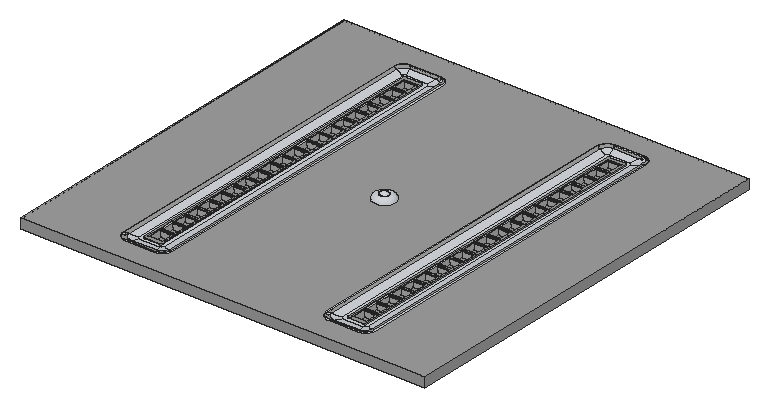
Revit family "0044003 Sylvania Lighting Fixture OptiClip 600 4000K C8 WH SSA WHITE", category Lighting Fixtures, host Face, Revit 2016 (continued)
Automatic sketch dimensions
  Blend 20 sketch curve to plane 55 = 0 mm
  Blend 20 sketch curve to plane 54 = 0 mm
  Blend 20 sketch curve to plane 73 = 0 mm
  Blend 20 sketch curve to plane 72 = 0 mm
  Blend 20 sketch curve to plane 77 = 0 mm
  Blend 20 sketch curve to plane 76 = 0 mm
  plane 55 to Blend 20 sketch curve = 4.7 mm
  Blend 20 sketch curve to plane 54 = 4.7 mm
  Blend 21 sketch curve to plane 72 = 0 mm
  Blend 21 sketch curve to plane 73 = 0 mm
  Blend 21 sketch curve to plane 56 = 0 mm
  Blend 21 sketch curve to plane 57 = 0.045 mm
  Blend 21 sketch curve to plane 77 = 0 mm
  Blend 21 sketch curve to plane 76 = 0 mm
  plane 57 to Blend 21 sketch curve = 4.655 mm
  Blend 21 sketch curve to plane 56 = 4.7 mm
  Blend 22 sketch curve to plane 72 = 0 mm
  Blend 22 sketch curve to plane 73 = 0 mm
  Blend 22 sketch curve to plane 58 = 0 mm
  plane 59 to Blend 22 sketch curve = 0.045 mm
  Blend 22 sketch curve to plane 77 = 0 mm
  Blend 22 sketch curve to plane 76 = 0 mm
  plane 59 to Blend 22 sketch curve = 4.745 mm
  Blend 22 sketch curve to plane 58 = 4.7 mm
  Blend 23 sketch curve to plane 61 = 0 mm
  Blend 23 sketch curve to plane 60 = 0 mm
  Blend 23 sketch curve to plane 73 = 0 mm
  Blend 23 sketch curve to plane 72 = 0 mm
  Blend 23 sketch curve to plane 77 = 0 mm
  Blend 23 sketch curve to plane 76 = 0 mm
  plane 61 to Blend 23 sketch curve = 4.7 mm
  Blend 23 sketch curve to plane 60 = 4.7 mm
  Blend 24 sketch curve to plane 63 = 0 mm
  Blend 24 sketch curve to plane 62 = 0 mm
  Blend 24 sketch curve to plane 73 = 0 mm
  Blend 24 sketch curve to plane 72 = 0 mm
  Blend 24 sketch curve to plane 77 = 0 mm
  Blend 24 sketch curve to plane 76 = 0 mm
  plane 63 to Blend 24 sketch curve = 4.7 mm
  Blend 24 sketch curve to plane 62 = 4.7 mm
  Blend 25 sketch curve to plane 65 = 0 mm
  Blend 25 sketch curve to plane 64 = 0 mm
  Blend 25 sketch curve to plane 73 = 0 mm
  Blend 25 sketch curve to plane 72 = 0 mm
  Blend 25 sketch curve to plane 77 = 0 mm
  Blend 25 sketch curve to plane 76 = 0 mm
  plane 65 to Blend 25 sketch curve = 4.7 mm
  Blend 25 sketch curve to plane 64 = 4.7 mm
  Extrusion 26 sketch curve to plane 75 = 0 mm
  Extrusion 26 sketch curve to plane 77 = 0 mm
  Extrusion 26 sketch curve to plane 76 = 0 mm
  Extrusion 26 sketch curve to plane 74 = 0 mm
  Extrusion 27 sketch curve to plane 77 = 0 mm
  Extrusion 27 sketch curve to plane 76 = 0 mm
  plane 33 to Extrusion 27 sketch curve = 4.7 mm
  Extrusion 27 sketch curve to plane 32 = 4.7 mm
  Extrusion 28 sketch curve to plane 77 = 0 mm
  Extrusion 28 sketch curve to plane 76 = 0 mm
  plane 35 to Extrusion 28 sketch curve = 4.655 mm
  Extrusion 28 sketch curve to plane 34 = 4.7 mm
  Extrusion 29 sketch curve to plane 77 = 0 mm
  Extrusion 29 sketch curve to plane 76 = 0 mm
  plane 37 to Extrusion 29 sketch curve = 4.745 mm
  Extrusion 29 sketch curve to plane 36 = 4.7 mm
  Extrusion 30 sketch curve to plane 77 = 0 mm
  Extrusion 30 sketch curve to plane 76 = 0 mm
  plane 39 to Extrusion 30 sketch curve = 4.7 mm
  Extrusion 30 sketch curve to plane 38 = 4.7 mm
  Extrusion 31 sketch curve to plane 77 = 0 mm
  Extrusion 31 sketch curve to plane 76 = 0 mm
  plane 41 to Extrusion 31 sketch curve = 4.7 mm
  Extrusion 31 sketch curve to plane 40 = 4.7 mm
  Extrusion 32 sketch curve to plane 77 = 0 mm
  Extrusion 32 sketch curve to plane 76 = 0 mm
  plane 43 to Extrusion 32 sketch curve = 4.7 mm
  Extrusion 32 sketch curve to plane 42 = 4.7 mm
  Extrusion 33 sketch curve to plane 77 = 0 mm
  Extrusion 33 sketch curve to plane 76 = 0 mm
  plane 45 to Extrusion 33 sketch curve = 4.674 mm
  Extrusion 33 sketch curve to plane 44 = 4.7 mm
  Extrusion 34 sketch curve to plane 77 = 0 mm
  Extrusion 34 sketch curve to plane 76 = 0 mm
  plane 47 to Extrusion 34 sketch curve = 4.726 mm
  Extrusion 34 sketch curve to plane 46 = 4.7 mm
  Extrusion 35 sketch curve to plane 77 = 0 mm
  Extrusion 35 sketch curve to plane 76 = 0 mm
  plane 49 to Extrusion 35 sketch curve = 4.7 mm
  Extrusion 35 sketch curve to plane 48 = 4.7 mm
  Extrusion 36 sketch curve to plane 77 = 0 mm
  Extrusion 36 sketch curve to plane 76 = 0 mm
  plane 51 to Extrusion 36 sketch curve = 4.7 mm
  Extrusion 36 sketch curve to plane 50 = 4.7 mm
  Extrusion 37 sketch curve to plane 77 = 0 mm
  Extrusion 37 sketch curve to plane 76 = 0 mm
  plane 53 to Extrusion 37 sketch curve = 4.7 mm
  Extrusion 37 sketch curve to plane 52 = 4.7 mm
  Extrusion 38 sketch curve to plane 77 = 0 mm
  Extrusion 38 sketch curve to plane 76 = 0 mm
  plane 55 to Extrusion 38 sketch curve = 4.7 mm
  Extrusion 38 sketch curve to plane 54 = 4.7 mm
  Extrusion 39 sketch curve to plane 77 = 0 mm
  Extrusion 39 sketch curve to plane 76 = 0 mm
  plane 57 to Extrusion 39 sketch curve = 4.655 mm
  Extrusion 39 sketch curve to plane 56 = 4.7 mm
  Extrusion 40 sketch curve to plane 77 = 0 mm
  Extrusion 40 sketch curve to plane 76 = 0 mm
  plane 59 to Extrusion 40 sketch curve = 4.745 mm
  Extrusion 40 sketch curve to plane 58 = 4.7 mm
  Extrusion 41 sketch curve to plane 77 = 0 mm
  Extrusion 41 sketch curve to plane 76 = 0 mm
  plane 61 to Extrusion 41 sketch curve = 4.7 mm
  Extrusion 41 sketch curve to plane 60 = 4.7 mm
  Extrusion 42 sketch curve to plane 77 = 0 mm
  Extrusion 42 sketch curve to plane 76 = 0 mm
  plane 63 to Extrusion 42 sketch curve = 4.7 mm
  Extrusion 42 sketch curve to plane 62 = 4.7 mm
  Extrusion 43 sketch curve to plane 77 = 0 mm
  Extrusion 43 sketch curve to plane 76 = 0 mm
  plane 65 to Extrusion 43 sketch curve = 4.7 mm
  Extrusion 43 sketch curve to plane 64 = 4.7 mm
  Extrusion 44 sketch curve to plane 77 = 0 mm
  Extrusion 44 sketch curve to plane 76 = 0 mm
  plane 67 to Extrusion 44 sketch curve = 4.7 mm
  Extrusion 44 sketch curve to plane 66 = 4.7 mm
  Extrusion 45 sketch curve to plane 77 = 0 mm
  Extrusion 45 sketch curve to plane 76 = 0 mm
  plane 69 to Extrusion 45 sketch curve = 4.7 mm
  Extrusion 45 sketch curve to plane 68 = 4.7 mm
  Extrusion 46 sketch curve to plane 77 = 0 mm
  Extrusion 46 sketch curve to plane 76 = 0 mm
  plane 71 to Extrusion 46 sketch curve = 4.7 mm
  Extrusion 46 sketch curve to plane 70 = 4.7 mm
  plane 25 to Blend 47 sketch curve = 2.5 mm  (x2)
  plane 3 "Center (Left/Right)" to Blend 47 sketch curve = 114 mm
  Blend 47 sketch curve to plane 24 = 1 mm
  Blend 47 sketch curve to Blend 47 sketch curve = 15 mm  (x2)
  Blend 47 sketch curve to Blend 47 sketch curve = 42 mm  (x2)
  plane 20 to Blend 47 sketch curve = 0 mm
  plane 80 to Blend 47 sketch curve = 2 mm  (x2)
  plane 3 "Center (Left/Right)" to Blend 47 sketch curve = 130.5 mm
  plane 25 to Blend 47 sketch curve = 1 mm
  Blend 47 sketch curve to plane 81 = 2.155 mm
  Blend 47 sketch curve to Blend 47 sketch curve = 4 mm
  Blend 47 sketch curve to Blend 47 sketch curve = 30.692 mm
  Blend 47 sketch curve to Blend 47 sketch curve = 0.297 mm
  Blend 47 sketch curve to plane 81 = 2.222 mm
  Blend 47 sketch curve to Blend 47 sketch curve = 3.933 mm
  plane 24 to Blend 48 sketch curve = 0 mm
  plane 22 to Blend 48 sketch curve = 0 mm
  Blend 48 sketch curve to plane 20 = 1.5 mm  (x2)
  plane 25 to Blend 48 sketch curve = 2.5 mm  (x2)
  Blend 48 sketch curve to plane 10 = 110 mm
  Blend 48 sketch curve to Blend 48 sketch curve = 42 mm
  plane 26 to Blend 48 sketch curve = 0 mm
  plane 25 to Blend 48 sketch curve = 0 mm
  Blend 48 sketch curve to plane 81 = 2.155 mm  (x2)
  Blend 48 sketch curve to plane 81 = 2.066 mm
  plane 80 to Blend 48 sketch curve = 2 mm  (x2)
  Blend 48 sketch curve to plane 10 = 126.5 mm
  Blend 48 sketch curve to Blend 48 sketch curve = 3.014 mm
  Blend 48 sketch curve to Blend 48 sketch curve = 31.034 mm
  Blend 48 sketch curve to Blend 48 sketch curve = 30.692 mm
  plane 30 to Extrusion 49 sketch curve = 0 mm
  plane 29 to Extrusion 49 sketch curve = 0 mm
  plane 3 "Center (Left/Right)" to Extrusion 49 sketch curve = 140 mm
  Extrusion 49 sketch curve to Extrusion 49 sketch curve = 22 mm
  Blend 50 sketch curve to plane 67 = 0 mm
  Blend 50 sketch curve to plane 66 = 0 mm
  Blend 50 sketch curve to plane 73 = 0 mm
  Blend 50 sketch curve to plane 72 = 0 mm
  Blend 50 sketch curve to plane 77 = 0 mm
  Blend 50 sketch curve to plane 76 = 0 mm
  plane 67 to Blend 50 sketch curve = 4.7 mm
  Blend 50 sketch curve to plane 66 = 4.7 mm
  Blend 51 sketch curve to plane 69 = 0 mm
  Blend 51 sketch curve to plane 68 = 0 mm
  Blend 51 sketch curve to plane 73 = 0 mm
  Blend 51 sketch curve to plane 72 = 0 mm
  Blend 51 sketch curve to plane 77 = 0 mm
  Blend 51 sketch curve to plane 76 = 0 mm
  plane 69 to Blend 51 sketch curve = 4.7 mm
  Blend 51 sketch curve to plane 68 = 4.7 mm
  Blend 52 sketch curve to plane 71 = 0 mm
  Blend 52 sketch curve to plane 70 = 0 mm
  Blend 52 sketch curve to plane 73 = 0 mm
  Blend 52 sketch curve to plane 72 = 0 mm
  Blend 52 sketch curve to plane 77 = 0 mm
  Blend 52 sketch curve to plane 76 = 0 mm
  plane 71 to Blend 52 sketch curve = 4.7 mm
  Blend 52 sketch curve to plane 70 = 4.7 mm
  plane 82 to Extrusion 53 sketch curve = 0 mm  (x2)
  Extrusion 53 sketch curve to plane 80 = 0 mm
  plane 81 to Extrusion 53 sketch curve = 0 mm
  plane 3 "Center (Left/Right)" to Extrusion 53 sketch curve = 137.5 mm
  Extrusion 53 sketch curve to plane 30 = 1.726 mm
  Extrusion 53 sketch curve to Extrusion 53 sketch curve = 2.284 mm
  Extrusion 53 sketch curve to Extrusion 53 sketch curve = 22 mm
  Extrusion 53 sketch curve to plane 30 = 1.536 mm
  Extrusion 53 sketch curve to Extrusion 53 sketch curve = 2.456 mm
  plane 31 to Blend 54 sketch curve = 0 mm
  Blend 54 sketch curve to plane 29 = 1.75 mm
  Blend 54 sketch curve to plane 10 = 133.539 mm
  Blend 54 sketch curve to Blend 54 sketch curve = 20.961 mm
  plane 75 to Blend 54 sketch curve = 0 mm
  plane 74 to Blend 54 sketch curve = 0 mm
  Blend 54 sketch curve to plane 10 = 138.039 mm
  Blend 54 sketch curve to Blend 54 sketch curve = 11.961 mm
  plane 33 to Blend 55 sketch curve = 0 mm
  plane 32 to Blend 55 sketch curve = 0 mm
  Blend 55 sketch curve to plane 10 = 133.539 mm
  Blend 55 sketch curve to Blend 55 sketch curve = 20.961 mm
  plane 33 to Blend 55 sketch curve = 4.7 mm
  Blend 55 sketch curve to plane 32 = 4.7 mm
  Blend 55 sketch curve to plane 10 = 138.039 mm
  Blend 55 sketch curve to Blend 55 sketch curve = 11.961 mm
  plane 34 to Blend 56 sketch curve = 0 mm
  Blend 56 sketch curve to plane 35 = 0.045 mm
  Blend 56 sketch curve to plane 10 = 133.539 mm
  Blend 56 sketch curve to Blend 56 sketch curve = 20.961 mm
  plane 35 to Blend 56 sketch curve = 4.655 mm
  Blend 56 sketch curve to plane 34 = 4.7 mm
  Blend 56 sketch curve to plane 10 = 138.039 mm
  Blend 56 sketch curve to Blend 56 sketch curve = 11.961 mm
  plane 36 to Blend 57 sketch curve = 0 mm
  plane 37 to Blend 57 sketch curve = 0.045 mm
  Blend 57 sketch curve to plane 10 = 133.539 mm
  Blend 57 sketch curve to Blend 57 sketch curve = 20.961 mm
  plane 37 to Blend 57 sketch curve = 4.745 mm
  Blend 57 sketch curve to plane 36 = 4.7 mm
  Blend 57 sketch curve to plane 10 = 138.039 mm
  Blend 57 sketch curve to Blend 57 sketch curve = 11.961 mm
  plane 39 to Blend 58 sketch curve = 0 mm
  plane 38 to Blend 58 sketch curve = 0 mm
  Blend 58 sketch curve to plane 10 = 133.539 mm
  Blend 58 sketch curve to Blend 58 sketch curve = 20.961 mm
  plane 39 to Blend 58 sketch curve = 4.7 mm
  Blend 58 sketch curve to plane 38 = 4.7 mm
  Blend 58 sketch curve to plane 10 = 138.039 mm
  Blend 58 sketch curve to Blend 58 sketch curve = 11.961 mm
  plane 41 to Blend 59 sketch curve = 0 mm
  plane 40 to Blend 59 sketch curve = 0 mm
  Blend 59 sketch curve to plane 10 = 133.539 mm
  Blend 59 sketch curve to Blend 59 sketch curve = 20.961 mm
  plane 41 to Blend 59 sketch curve = 4.7 mm
  Blend 59 sketch curve to plane 40 = 4.7 mm
  Blend 59 sketch curve to plane 10 = 138.039 mm
  Blend 59 sketch curve to Blend 59 sketch curve = 11.961 mm
  plane 43 to Blend 60 sketch curve = 0 mm
  plane 42 to Blend 60 sketch curve = 0 mm
  Blend 60 sketch curve to plane 10 = 133.539 mm
  Blend 60 sketch curve to Blend 60 sketch curve = 20.961 mm
  plane 43 to Blend 60 sketch curve = 4.7 mm
  Blend 60 sketch curve to plane 42 = 4.7 mm
  Blend 60 sketch curve to plane 10 = 138.039 mm
  Blend 60 sketch curve to Blend 60 sketch curve = 11.961 mm
  plane 44 to Blend 61 sketch curve = 0 mm
  Blend 61 sketch curve to plane 45 = 0.026 mm
  Blend 61 sketch curve to plane 10 = 133.539 mm
  Blend 61 sketch curve to Blend 61 sketch curve = 20.961 mm
  plane 45 to Blend 61 sketch curve = 4.674 mm
  Blend 61 sketch curve to plane 44 = 4.7 mm
  Blend 61 sketch curve to plane 10 = 138.039 mm
  Blend 61 sketch curve to Blend 61 sketch curve = 11.961 mm
  plane 46 to Blend 62 sketch curve = 0 mm
  plane 47 to Blend 62 sketch curve = 0.026 mm
  Blend 62 sketch curve to plane 10 = 133.539 mm
  Blend 62 sketch curve to Blend 62 sketch curve = 20.961 mm
  plane 47 to Blend 62 sketch curve = 4.726 mm
  Blend 62 sketch curve to plane 46 = 4.7 mm
  Blend 62 sketch curve to plane 10 = 138.039 mm
  Blend 62 sketch curve to Blend 62 sketch curve = 11.961 mm
  plane 49 to Blend 63 sketch curve = 0 mm
  plane 48 to Blend 63 sketch curve = 0 mm
  Blend 63 sketch curve to plane 10 = 133.539 mm
  Blend 63 sketch curve to Blend 63 sketch curve = 20.961 mm
  plane 49 to Blend 63 sketch curve = 4.7 mm
  Blend 63 sketch curve to plane 48 = 4.7 mm
  Blend 63 sketch curve to plane 10 = 138.039 mm
  Blend 63 sketch curve to Blend 63 sketch curve = 11.961 mm
  plane 51 to Blend 64 sketch curve = 0 mm
  plane 50 to Blend 64 sketch curve = 0 mm
  Blend 64 sketch curve to plane 10 = 133.539 mm
  Blend 64 sketch curve to Blend 64 sketch curve = 20.961 mm
  plane 51 to Blend 64 sketch curve = 4.7 mm
  Blend 64 sketch curve to plane 50 = 4.7 mm
  Blend 64 sketch curve to plane 10 = 138.039 mm
  Blend 64 sketch curve to Blend 64 sketch curve = 11.961 mm
  plane 53 to Blend 65 sketch curve = 0 mm
  plane 52 to Blend 65 sketch curve = 0 mm
  Blend 65 sketch curve to plane 10 = 133.539 mm
  Blend 65 sketch curve to Blend 65 sketch curve = 20.961 mm
  plane 53 to Blend 65 sketch curve = 4.7 mm
  Blend 65 sketch curve to plane 52 = 4.7 mm
  Blend 65 sketch curve to plane 10 = 138.039 mm
  Blend 65 sketch curve to Blend 65 sketch curve = 11.961 mm
  plane 55 to Blend 66 sketch curve = 0 mm
  plane 54 to Blend 66 sketch curve = 0 mm
  Blend 66 sketch curve to plane 10 = 133.539 mm
  Blend 66 sketch curve to Blend 66 sketch curve = 20.961 mm
  plane 55 to Blend 66 sketch curve = 4.7 mm
  Blend 66 sketch curve to plane 54 = 4.7 mm
  Blend 66 sketch curve to plane 10 = 138.039 mm
  Blend 66 sketch curve to Blend 66 sketch curve = 11.961 mm
  plane 56 to Blend 67 sketch curve = 0 mm
  Blend 67 sketch curve to plane 57 = 0.045 mm
  Blend 67 sketch curve to plane 10 = 133.539 mm
  Blend 67 sketch curve to Blend 67 sketch curve = 20.961 mm
  plane 57 to Blend 67 sketch curve = 4.655 mm
  Blend 67 sketch curve to plane 56 = 4.7 mm
  Blend 67 sketch curve to plane 10 = 138.039 mm
  Blend 67 sketch curve to Blend 67 sketch curve = 11.961 mm
  plane 58 to Blend 68 sketch curve = 0 mm
  plane 59 to Blend 68 sketch curve = 0.045 mm
  Blend 68 sketch curve to plane 10 = 133.539 mm
  Blend 68 sketch curve to Blend 68 sketch curve = 20.961 mm
  plane 59 to Blend 68 sketch curve = 4.745 mm
  Blend 68 sketch curve to plane 58 = 4.7 mm
  Blend 68 sketch curve to plane 10 = 138.039 mm
  Blend 68 sketch curve to Blend 68 sketch curve = 11.961 mm
  plane 61 to Blend 69 sketch curve = 0 mm
  plane 60 to Blend 69 sketch curve = 0 mm
  Blend 69 sketch curve to plane 10 = 133.539 mm
  Blend 69 sketch curve to Blend 69 sketch curve = 20.961 mm
  plane 61 to Blend 69 sketch curve = 4.7 mm
  Blend 69 sketch curve to plane 60 = 4.7 mm
  Blend 69 sketch curve to plane 10 = 138.039 mm
  Blend 69 sketch curve to Blend 69 sketch curve = 11.961 mm
  plane 63 to Blend 70 sketch curve = 0 mm
  plane 62 to Blend 70 sketch curve = 0 mm
  Blend 70 sketch curve to plane 10 = 133.539 mm
  Blend 70 sketch curve to Blend 70 sketch curve = 20.961 mm
  plane 63 to Blend 70 sketch curve = 4.7 mm
  Blend 70 sketch curve to plane 62 = 4.7 mm
  Blend 70 sketch curve to plane 10 = 138.039 mm
  Blend 70 sketch curve to Blend 70 sketch curve = 11.961 mm
  plane 65 to Blend 71 sketch curve = 0 mm
  plane 64 to Blend 71 sketch curve = 0 mm
  Blend 71 sketch curve to plane 10 = 133.539 mm
  Blend 71 sketch curve to Blend 71 sketch curve = 20.961 mm
  plane 65 to Blend 71 sketch curve = 4.7 mm
  Blend 71 sketch curve to plane 64 = 4.7 mm
  Blend 71 sketch curve to plane 10 = 138.039 mm
  Blend 71 sketch curve to Blend 71 sketch curve = 11.961 mm
  plane 67 to Blend 72 sketch curve = 0 mm
  plane 66 to Blend 72 sketch curve = 0 mm
  Blend 72 sketch curve to plane 10 = 133.539 mm
  Blend 72 sketch curve to Blend 72 sketch curve = 20.961 mm
  plane 67 to Blend 72 sketch curve = 4.7 mm
  Blend 72 sketch curve to plane 66 = 4.7 mm
  Blend 72 sketch curve to plane 10 = 138.039 mm
  Blend 72 sketch curve to Blend 72 sketch curve = 11.961 mm
  plane 69 to Blend 73 sketch curve = 0 mm
  plane 68 to Blend 73 sketch curve = 0 mm
  Blend 73 sketch curve to plane 10 = 133.539 mm
  Blend 73 sketch curve to Blend 73 sketch curve = 20.961 mm
  plane 69 to Blend 73 sketch curve = 4.7 mm
  Blend 73 sketch curve to plane 68 = 4.7 mm
  Blend 73 sketch curve to plane 10 = 138.039 mm
  Blend 73 sketch curve to Blend 73 sketch curve = 11.961 mm
  plane 71 to Blend 74 sketch curve = 0 mm
  plane 70 to Blend 74 sketch curve = 0 mm
  Blend 74 sketch curve to plane 10 = 133.539 mm
  Blend 74 sketch curve to Blend 74 sketch curve = 20.961 mm
  plane 71 to Blend 74 sketch curve = 4.7 mm
  Blend 74 sketch curve to plane 70 = 4.7 mm
  Blend 74 sketch curve to plane 10 = 138.039 mm
  Blend 74 sketch curve to Blend 74 sketch curve = 11.961 mm
  plane 75 to Extrusion 75 sketch curve = 0 mm
  plane 74 to Extrusion 75 sketch curve = 0 mm
  plane 3 "Center (Left/Right)" to Extrusion 75 sketch curve = 145 mm
  Extrusion 75 sketch curve to Extrusion 75 sketch curve = 11.961 mm
  plane 33 to Extrusion 76 sketch curve = 4.7 mm
  plane 3 "Center (Left/Right)" to Extrusion 76 sketch curve = 145 mm
  Extrusion 76 sketch curve to Extrusion 76 sketch curve = 11.961 mm
  Extrusion 76 sketch curve to plane 32 = 4.7 mm
  plane 35 to Extrusion 77 sketch curve = 4.655 mm
  plane 3 "Center (Left/Right)" to Extrusion 77 sketch curve = 145 mm
  Extrusion 77 sketch curve to Extrusion 77 sketch curve = 11.961 mm
  Extrusion 77 sketch curve to plane 34 = 4.7 mm
  plane 37 to Extrusion 78 sketch curve = 4.745 mm
  plane 3 "Center (Left/Right)" to Extrusion 78 sketch curve = 145 mm
  Extrusion 78 sketch curve to Extrusion 78 sketch curve = 11.961 mm
  Extrusion 78 sketch curve to plane 36 = 4.7 mm
  plane 39 to Extrusion 79 sketch curve = 4.7 mm
  plane 3 "Center (Left/Right)" to Extrusion 79 sketch curve = 145 mm
  Extrusion 79 sketch curve to Extrusion 79 sketch curve = 11.961 mm
  Extrusion 79 sketch curve to plane 38 = 4.7 mm
  plane 41 to Extrusion 80 sketch curve = 4.7 mm
  plane 3 "Center (Left/Right)" to Extrusion 80 sketch curve = 145 mm
  Extrusion 80 sketch curve to Extrusion 80 sketch curve = 11.961 mm
  Extrusion 80 sketch curve to plane 40 = 4.7 mm
  plane 43 to Extrusion 81 sketch curve = 4.7 mm
  plane 3 "Center (Left/Right)" to Extrusion 81 sketch curve = 145 mm
  Extrusion 81 sketch curve to Extrusion 81 sketch curve = 11.961 mm
  Extrusion 81 sketch curve to plane 42 = 4.7 mm
  plane 45 to Extrusion 82 sketch curve = 4.674 mm
  plane 3 "Center (Left/Right)" to Extrusion 82 sketch curve = 145 mm
  Extrusion 82 sketch curve to Extrusion 82 sketch curve = 11.961 mm
  Extrusion 82 sketch curve to plane 44 = 4.7 mm
  plane 47 to Extrusion 83 sketch curve = 4.726 mm
  plane 3 "Center (Left/Right)" to Extrusion 83 sketch curve = 145 mm
  Extrusion 83 sketch curve to Extrusion 83 sketch curve = 11.961 mm
  Extrusion 83 sketch curve to plane 46 = 4.7 mm
  plane 49 to Extrusion 84 sketch curve = 4.7 mm
  plane 3 "Center (Left/Right)" to Extrusion 84 sketch curve = 145 mm
  Extrusion 84 sketch curve to Extrusion 84 sketch curve = 11.961 mm
  Extrusion 84 sketch curve to plane 48 = 4.7 mm
  plane 51 to Extrusion 85 sketch curve = 4.7 mm
  plane 3 "Center (Left/Right)" to Extrusion 85 sketch curve = 145 mm
  Extrusion 85 sketch curve to Extrusion 85 sketch curve = 11.961 mm
  Extrusion 85 sketch curve to plane 50 = 4.7 mm
  plane 53 to Extrusion 86 sketch curve = 4.7 mm
  plane 3 "Center (Left/Right)" to Extrusion 86 sketch curve = 145 mm
  Extrusion 86 sketch curve to Extrusion 86 sketch curve = 11.961 mm
  Extrusion 86 sketch curve to plane 52 = 4.7 mm
  plane 55 to Extrusion 87 sketch curve = 4.7 mm
  plane 3 "Center (Left/Right)" to Extrusion 87 sketch curve = 145 mm
  Extrusion 87 sketch curve to Extrusion 87 sketch curve = 11.961 mm
  Extrusion 87 sketch curve to plane 54 = 4.7 mm
  plane 57 to Extrusion 88 sketch curve = 4.655 mm
  plane 3 "Center (Left/Right)" to Extrusion 88 sketch curve = 145 mm
  Extrusion 88 sketch curve to Extrusion 88 sketch curve = 11.961 mm
  Extrusion 88 sketch curve to plane 56 = 4.7 mm
  plane 59 to Extrusion 89 sketch curve = 4.745 mm
  plane 3 "Center (Left/Right)" to Extrusion 89 sketch curve = 145 mm
  Extrusion 89 sketch curve to Extrusion 89 sketch curve = 11.961 mm
  Extrusion 89 sketch curve to plane 58 = 4.7 mm
  plane 61 to Extrusion 90 sketch curve = 4.7 mm
  plane 3 "Center (Left/Right)" to Extrusion 90 sketch curve = 145 mm
  Extrusion 90 sketch curve to Extrusion 90 sketch curve = 11.961 mm
  Extrusion 90 sketch curve to plane 60 = 4.7 mm
  plane 63 to Extrusion 91 sketch curve = 4.7 mm
  plane 3 "Center (Left/Right)" to Extrusion 91 sketch curve = 145 mm
  Extrusion 91 sketch curve to Extrusion 91 sketch curve = 11.961 mm
  Extrusion 91 sketch curve to plane 62 = 4.7 mm
  plane 65 to Extrusion 92 sketch curve = 4.7 mm
  plane 3 "Center (Left/Right)" to Extrusion 92 sketch curve = 145 mm
  Extrusion 92 sketch curve to Extrusion 92 sketch curve = 11.961 mm
  Extrusion 92 sketch curve to plane 64 = 4.7 mm
  plane 67 to Extrusion 93 sketch curve = 4.7 mm
  plane 3 "Center (Left/Right)" to Extrusion 93 sketch curve = 145 mm
  Extrusion 93 sketch curve to Extrusion 93 sketch curve = 11.961 mm
  Extrusion 93 sketch curve to plane 66 = 4.7 mm
  plane 69 to Extrusion 94 sketch curve = 4.7 mm
  plane 3 "Center (Left/Right)" to Extrusion 94 sketch curve = 145 mm
  Extrusion 94 sketch curve to Extrusion 94 sketch curve = 11.961 mm
  Extrusion 94 sketch curve to plane 68 = 4.7 mm
  plane 71 to Extrusion 95 sketch curve = 4.7 mm
  plane 3 "Center (Left/Right)" to Extrusion 95 sketch curve = 145 mm
  Extrusion 95 sketch curve to Extrusion 95 sketch curve = 11.961 mm
  Extrusion 95 sketch curve to plane 70 = 4.7 mm
  Extrusion 96 sketch curve to plane 7 = 0 mm
  plane 8 to Extrusion 96 sketch curve = 0 mm
  plane 6 to Extrusion 96 sketch curve = 0 mm
  plane 5 to Extrusion 96 sketch curve = 0 mm
  Revolve 97 sketch curve to plane 3 "Center (Left/Right)" = 0 mm  (x2)
  Revolve 97 sketch curve to level = 0 mm  (x2)
  Revolve 97 sketch curve to plane 83 = 0 mm  (x2)
  Revolve 97 sketch curve to plane 84 = 0 mm
  Revolve 97 sketch curve to plane 85 = 0 mm
  plane 84 to Revolve 97 sketch curve = 0.074 mm
  Revolve 98 sketch curve to plane 3 "Center (Left/Right)" = 0 mm  (x2)
  Revolve 98 sketch curve to plane 83 = 0 mm
  Revolve 98 sketch curve to plane 87 = 0 mm
  Revolve 98 sketch curve to plane 86 = 0 mm
  Revolve 98 sketch curve to plane 3 "Center (Left/Right)" = 0.185 mm
  Revolve 98 sketch curve to plane 83 = 0.917 mm
  Revolve 98 sketch curve to Revolve 98 sketch curve = 2.82 mm
  Revolve 99 sketch curve to plane 3 "Center (Left/Right)" = 0 mm  (x2)
  Revolve 99 sketch curve to plane 13 = 0 mm
  Revolve 99 sketch curve to plane 88 = 0 mm
  Revolve 99 sketch curve to plane 89 = 0 mm
  Revolve 99 sketch curve to plane 89 = 5.716 mm
  Revolve 99 sketch curve to Revolve 99 sketch curve = 1.156 mm
  Revolve 100 sketch curve to plane 3 "Center (Left/Right)" = 0 mm  (x2)
  plane 84 to Revolve 100 sketch curve = 0 mm
  Revolve 100 sketch curve to plane 91 = 0 mm
  Revolve 100 sketch curve to plane 89 = 0 mm
  Revolve 100 sketch curve to plane 91 = 12.591 mm
  plane 13 to Revolve 100 sketch curve = 6.148 mm
Connectors
  electrical at (0, 0, -1.008)
    settings: on cut or joined group of Extrusion 2, Extrusion 3, Blend 5, Blend 48, index 1, voltage 0 V, apparent load 0 VA, apparent load phase1 0 VA, apparent load phase2 0 VA, apparent load phase3 0 VA, power factor 1, load classification "Other", number of poles 1, system type 31, power factor state 1, is connector primary yes, connector utility no, sub classification motor no, connector description ""
